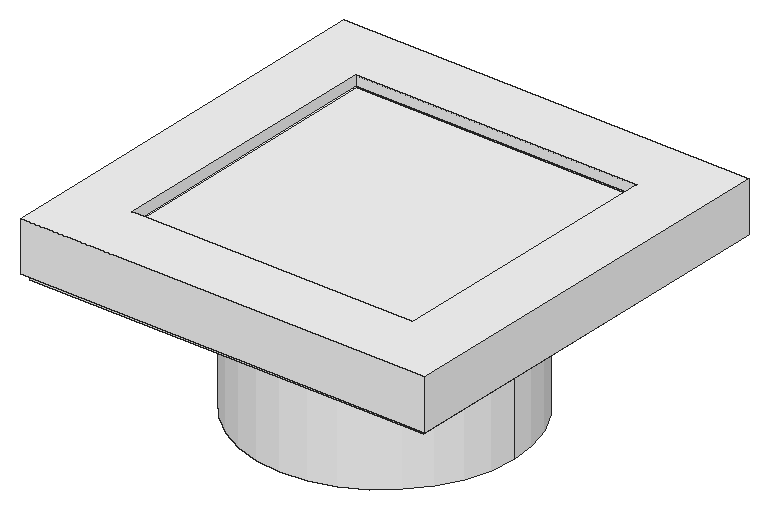
Revit family "Gira_012626", category Electrical Fixtures, host Face, Revit 2017
Family settings
  Host = Face
  Maintain Annotation Orientation = Yes
  Round Connector Dimension = Use Diameter
  Part Type = Normal
  Cut with Voids When Loaded = No
  Shared = No
  Room Calculation Point = No
Parameters (values of type "PB sw. off/2-way System 55 c.alum.")
  With mounting plate = "No"
  Wiring system = "Two-way switch"
  White [instance] = White
  Washing machine switch = "No"
  URL = "http://katalog.gira.de/en/datenblatt.html?artikelnr=012626"
  Type of fastening = "Mounting with claw and screw"
  Surface protection = "Other"
  Suitable for degree of protection (IP) = "IP20"
  Rated current = "10"
  Push button switch = "Yes"
  Number of rockers = "1"
  Number of modules (module system) = "1"
  Nominal voltage = "250"
  Name = "PB sw. off/2-way System 55 c.alum."
  Mounting method = "Flush mounted (plaster)"
  Model = ""
  Method of operation = "Rocker/button"
  Material quality = "Thermoplastic"
  Material = "Plastic"
  Manufacturer URL = "https://www.gira.de/"
  Manufacturer = "Gira"
  Label space/information surface = "No"
  Illumination = "No"
  HeinzeBIM = "https://bimportal.heinze.de/bim/pb-sw-off-2-way-system-55-c-alum-/f744a09d2c09125f4eb2e11679c08ce72b382a0a"
  Halogen free = "Yes"
  HAN = "012626"
  GTIN = "4010337126263"
  Feedback-signal contact = "No"
  Description = "PB sw.off 2-w Sys55 CAl,Pushbutton switch 10 AX 250 V~ with rocker,Universal off 2-way switch,colour aluminium,"
  Default Elevation = 1219.2 mm
  Data sheet (1) = "https://katalog.gira.de/en/download.html?artikelnr=012626"
  Connection type = "Plug clamp"
  Colour = "Aluminium"
  Category = "Switch"
  BIM (1) = "https://media.stage.bim.site/public/gira/36a6b08/Sys55_Komplettgerät_Schalten und Tasten.rfa?public/gira/36a6b08/Sys55_Komplettgerät_Schalten und Tasten.rfa"
  Available = "No"
  Assembly arrangement = "Basic element with central cover plate"
Reference planes
  plane 1 "Center (Front/Back)": y = 0
  plane 2: z = 0
  plane 3 "Center (Left/Right)": x = 0
Forms (mm)
  Extrusion 1, solid, material "White" <- "White", detail levels medium
    sketch origin (0, 0, 0) x (1, 0, 0) y (0, 1, 0)
      loop
        line (-40.4, 40.4) -> (-40.4, -40.4) -> (40.4, -40.4) -> (40.4, 40.4) -> (-40.4, 40.4)
      loop
        line (-28, 28) -> (-28, -28) -> (28, -28) -> (28, 28) -> (-28, 28)
    from 0 to 10
  Extrusion 2, solid, material "White" <- "White", detail levels fine
    sketch origin (0, 0, 0) x (1, 0, 0) y (0, 1, 0)
      loop
        line (-40.4, 40.4) -> (-40.4, -40.4) -> (40.4, -40.4) -> (40.4, 40.4) -> (-40.4, 40.4)
      loop
        line (-28, 28) -> (-28, -28) -> (28, -28) -> (28, 28) -> (-28, 28)
    from 0 to 10
  Extrusion 3, void
    sketch origin (0, 0, 0) x (1, 0, 0) y (0, 1, 0)
      loop
        line (-38.4, 38.4) -> (-38.4, -38.4) -> (38.4, -38.4) -> (38.4, 38.4) -> (-38.4, 38.4)
    from 0 to 8
  Extrusion 4, solid, material "White" <- "White", detail levels medium+fine
    sketch origin (0, 0, 0) x (1, 0, 0) y (0, 1, 0)
      loop
        line (-39.4, 39.4) -> (-39.4, -39.4) -> (39.4, -39.4) -> (39.4, 39.4) -> (-39.4, 39.4)
    from 0 to -1
  Extrusion 5, solid, material "White" <- "White", detail levels medium+fine
    sketch origin (0, 0, 0) x (1, 0, 0) y (0, 1, 0)
      loop
        line (-35.5, 35.5) -> (-35.5, -35.5) -> (35.5, -35.5) -> (35.5, 35.5) -> (-35.5, 35.5)
    from -2 to -3
  Extrusion 6, solid, material "White" <- "White", detail levels medium+fine
    sketch origin (0, 0, 0) x (1, 0, 0) y (0, 1, 0)
      loop
        circle (0, 0) r 26
    from 0 to -27.5
  Extrusion 7, solid, material "White" <- "White", detail levels coarse
    sketch origin (0, 0, 0) x (1, 0, 0) y (0, 1, 0)
      loop
        line (-40.4, 40.4) -> (-40.4, -40.4) -> (40.4, -40.4) -> (40.4, 40.4) -> (-40.4, 40.4)
    from -27.5 to 10
Cuts and joins
  Extrusion 3 cuts Extrusion 2
Dimensions and locks
  aligned and locked: plane 2 to host face
  aligned and locked: level to host face
  aligned and locked: plane 3 "Center (Left/Right)" to nested 2
  aligned and locked: plane 1 "Center (Front/Back)" to nested 2
Nested families
  nested 1: "Sys55_Abdeckung_Schalten und Tasten_floor_base" at (0, 0, 0), type "Sys55_Abdeckung_Schalten und Tasten_floor_base"
  nested 2: "Schalter" at (0, 0, 0), type "Schalter"
Connectors
  electrical at (0, 0, -27.5)
    settings: on Extrusion 6, index 1, voltage 220 V, apparent load 0 VA, apparent load phase1 0 VA, apparent load phase2 0 VA, apparent load phase3 0 VA, power factor 1, load classification "Other", number of poles 1, system type 30, power factor state 1, is connector primary yes, connector utility no, sub classification motor no, connector description ""
Definition of nested family "Sys55_Abdeckung_Schalten und Tasten_floor_base"
  Parameters
    Default Elevation = 1219.2 mm
    White [instance] = none
  Reference planes
    plane 1 "Center (Front/Back)": y = 0
    plane 2: z = 0
    plane 3 "Center (Left/Right)": x = 0
  Forms (mm)
    Extrusion 1, solid
      sketch origin (0, 0, 0) x (1, 0, 0) y (0, 1, 0)
        loop
          line (-1219.2, 1219.2) -> (-1219.2, -1219.2) -> (1219.2, -1219.2) -> (1219.2, 1219.2) -> (-1219.2, 1219.2)
      from 0 to -304.8
    Extrusion 2, solid, material <- "White", detail levels fine
      sketch origin (0, 0, 0) x (1, 0, 0) y (0, 1, 0)
        loop
          line (-27.5, 27.5) -> (-27.5, -27.5) -> (27.5, -27.5) -> (27.5, 27.5) -> (-27.5, 27.5)
      from 0 to 8
    Extrusion 3, void
      sketch origin (0, 0, 0) x (1, 0, 0) y (0, 1, 0)
        loop
          line (26, 26) -> (-26, 26) -> (-26, -26) -> (26, -26) -> (26, 26)
      from 0 to 6
    Extrusion 4, solid, material <- "White", detail levels medium
      sketch origin (0, 0, 0) x (1, 0, 0) y (0, 1, 0)
        loop
          line (-27.5, 27.5) -> (-27.5, -27.5) -> (27.5, -27.5) -> (27.5, 27.5) -> (-27.5, 27.5)
      from 0 to 8
    Extrusion 5, solid, material <- "White", detail levels medium
      sketch origin (0, 0, 0) x (1, 0, 0) y (0, 1, 0)
        loop
          line (11, -17.5) -> (11, 17.5) -> (-11, 17.5) -> (-11, -17.5) -> (11, -17.5)
      from -6 to 6
    Extrusion 6, solid, material <- "White", detail levels fine
      sketch origin (0, 0, 0) x (1, 0, 0) y (0, 1, 0)
        loop
          line (11, 17.5) -> (-11, 17.5) -> (-11, 16.5) -> (11, 16.5) -> (11, 17.5)
        loop
          line (-11, -16.5) -> (-11, -17.5) -> (11, -17.5) -> (11, -16.5) -> (-11, -16.5)
      from -4 to 6
    Extrusion 7, solid, material <- "White", detail levels fine
      sketch origin (0, 0, 0) x (1, 0, 0) y (0, 1, 0)
        loop
          arc (5, 9.347) -> (0, 10.6) -> (-5, 9.347) r 10.6
          line (-5, 9.347) -> (-5, -9.347)
          arc (-5, -9.347) -> (0, -10.6) -> (5, -9.347) r 10.6
          line (5, -9.347) -> (5, 9.347)
      from -6 to 6
    Extrusion 8, solid, material <- "White", detail levels coarse
      sketch origin (0, 0, 0) x (1, 0, 0) y (0, 1, 0)
        loop
          line (-27.5, 27.5) -> (-27.5, -27.5) -> (27.5, -27.5) -> (27.5, 27.5) -> (-27.5, 27.5)
      from -6 to 8
  Cuts and joins
    Extrusion 3 cuts Extrusion 2
  Dimensions and locks
    aligned and locked: plane 2 to Extrusion 1
    aligned and locked: level to Extrusion 1
Definition of nested family "Schalter"
  Reference planes
    plane 1: y = 0
    plane 2: x = 0
  Lines and regions (mm)
    detail lines
      curve 1: circle (1.375, 2.778, 0) r 0.8 normal (0, 0, 1)
      curve 2: line (1.021, 2.061, 0) -> (0, 0, 0)
      curve 3: line (0, 0, 0) -> (-0.538, 0.266, 0)
  Dimensions and locks
    curve 2 to curve 2 = 2.3 mm
    curve 3 to curve 2 = 0.6 mm
    radius of curve 1 = 0.8 mm
